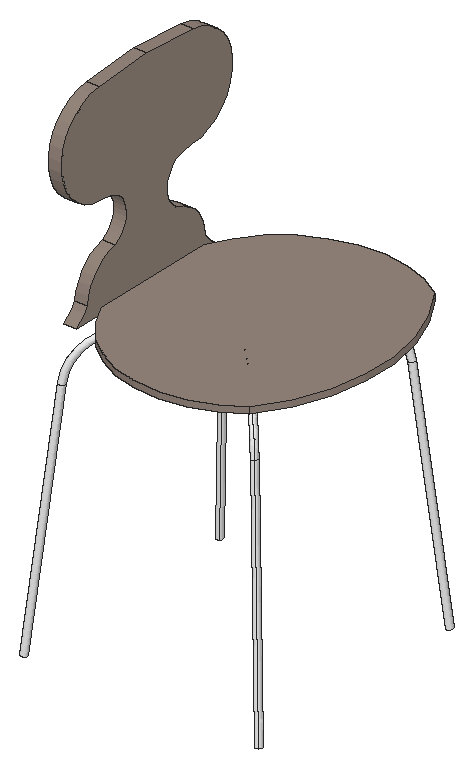
Revit family "Chair 3", category Furniture, Revit 2026
Family settings
  Work Plane-Based = No
  Enable Cutting in Views = No
  Always vertical = Yes
  Cut with Voids When Loaded = No
  Render Appearance Source = Family Geometry
  Shared = No
  Room Calculation Point = No
Parameters
  __Temp [instance] = 0 mm
  Keynote = "12600"
  Manufacturer = ""
  Default Elevation = 0 mm
  Bracket Material = Herman Miller - Finish 47 Trivalent Chrome
  Model = ""
  Cushion/Chair Back Material = Herman Miller - Veneer Z5 Maple
  BG_DIM_Width2 [instance] = 0 mm
  BG_DIM_Depth1 [instance] = 0 mm
Reference planes
  plane 1 "Center F/B": y = -198.997
  plane 2: z = 0
  plane 3 "Center L/R": x = -1.022
Forms (mm)
  Sweep 1, solid, material "Herman Miller - Finish 47 Trivalent Chrome" <- "Bracket Material"
    path origin (61.052, -65.204, 45) x (0, 0, -1) y (0.707107, -0.707107, 0)
      loop
        line (45, -82.843) -> (-332.364, -36.508)
        arc (-332.364, -36.508) -> (-382.531, -10.114) -> (-402.615, 42.895) r 80
        line (-402.615, 42.895) -> (-402.615, 181.322)
    profile origin (18.855, -23.007, 188.682) x (-0.701836, 0.701836, 0.121869) y (-0.707107, -0.707107, 0)
      loop
        circle (0, 0) r 5
  Sweep 2, solid, material "Herman Miller - Finish 47 Trivalent Chrome" <- "Bracket Material"
    path origin (57.516, -325.168, 45) x (0, 0, -1) y (0.707107, 0.707107, 0)
      loop
        line (45, -82.843) -> (-332.364, -36.508)
        arc (-332.364, -36.508) -> (-382.531, -10.114) -> (-402.615, 42.895) r 80
        line (-402.615, 42.895) -> (-402.615, 181.322)
    profile origin (15.319, -367.364, 188.682) x (-0.701836, -0.701836, 0.121869) y (0.707107, -0.707107, 0)
      loop
        circle (0, 0) r 5
  Sweep 3, solid, material "Herman Miller - Finish 47 Trivalent Chrome" <- "Bracket Material"
    path origin (303.338, -65.204, 45) x (0, 0, -1) y (0.707107, 0.707107, 0)
      loop
        line (45, 82.843) -> (-332.364, 36.508)
        arc (-332.364, 36.508) -> (-382.531, 10.114) -> (-402.615, -42.895) r 80
        line (-402.615, -42.895) -> (-402.615, -181.322)
    profile origin (345.535, -23.007, 188.682) x (0.701836, 0.701836, 0.121869) y (-0.707107, 0.707107, 0)
      loop
        circle (0, 0) r 5
  Sweep 4, solid, material "Herman Miller - Finish 47 Trivalent Chrome" <- "Bracket Material"
    path origin (306.873, -325.168, 45) x (0, 0, -1) y (0.707107, -0.707107, 0)
      loop
        line (45, 82.843) -> (-332.364, 36.508)
        arc (-332.364, 36.508) -> (-382.531, 10.114) -> (-402.615, -42.895) r 80
        line (-402.615, -42.895) -> (-402.615, -181.322)
    profile origin (349.07, -367.364, 188.682) x (0.701836, -0.701836, 0.121869) y (0.707107, 0.707107, 0)
      loop
        circle (0, 0) r 5
  Extrusion 5, solid, material "Herman Miller - Veneer Z5 Maple" <- "Cushion/Chair Back Material"
    sketch origin (0, 0, 0) x (1, 0, 0) y (0, 1, 0)
      loop
        arc (340, -9.099) -> (152.776, 17.913) -> (32.728, -128.274) r 192.616
        line (32.728, -128.274) -> (32.728, -249.923)
        arc (32.728, -249.923) -> (152.776, -396.11) -> (340, -369.099) r 192.616
        arc (340, -369.099) -> (400.673, -189.099) -> (340, -9.099) r 297.34
    from 450 to 460
  Extrusion 6, solid, material "Herman Miller - Veneer Z5 Maple" <- "Cushion/Chair Back Material"
    sketch origin (390, -409.099, -27.081) x (0, 0, -1) y (0, 1, 0)
      loop
        arc (-498.809, 95.839) -> (-486.21, 86.065) -> (-477.081, 72.99) r 53.087
        line (-477.081, 72.99) -> (-477.081, 347.212)
        arc (-477.081, 347.212) -> (-486.21, 334.138) -> (-498.809, 324.364) r 53.087
        arc (-498.809, 324.364) -> (-539.073, 308.301) -> (-561.143, 270.989) r 67.175
        arc (-561.143, 270.989) -> (-601.737, 249.17) -> (-634.197, 281.887) r 38.521
        line (-634.197, 281.887) -> (-636.604, 298.938)
        arc (-636.604, 298.938) -> (-714.694, 376.726) -> (-796.127, 302.444) r 79.872
        line (-796.127, 302.444) -> (-802.584, 210.101) -> (-796.127, 117.759)
        arc (-796.127, 117.759) -> (-714.694, 43.477) -> (-636.604, 121.265) r 79.872
        line (-636.604, 121.265) -> (-634.197, 138.316)
        arc (-634.197, 138.316) -> (-601.737, 171.033) -> (-561.143, 149.213) r 38.521
        arc (-561.143, 149.213) -> (-539.073, 111.901) -> (-498.809, 95.839) r 67.175
    from -367.272 to -347.272
Dimensions and locks
  aligned and locked: plane 1 "Center F/B" to Extrusion 6
